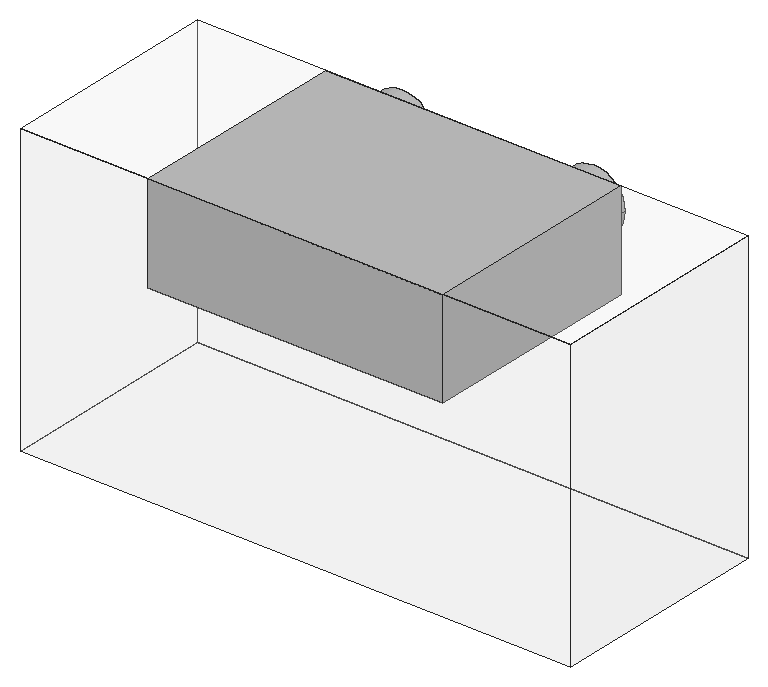
Revit family "sch-40_50exc_50Hz", category 機械設備, Revit 2019
Family settings
  丸型コネクタ寸法 = 直径を使用
  パーツ タイプ = 標準
  OmniClass 番号 = 23.75.10.34.21
  OmniClass タイトル = Heat Exchangers for Ventilation Air
  作業面ベース = いいえ
  常に垂直 = はい
  ロード時にボイドで切り取り = いいえ
  共有 = いいえ
  部屋計算ポイント = はい
Parameters (values of type "SCH-40EXC")
  騒音レベル(dB(A)) = 39
  風量 = 400.0 m³/h
  面風速 = 3.54 m/s
  電源種別 [instance] = "一般"
  電圧 = 100 V
  電動機出力 = 0 W
  集中コントローラ = ""
  運転質量 = 0.00 kg
  連動 [instance] = ""
  質量 = if(製品質量 > 運転質量, 製品質量, 運転質量) * 1.2  # 34.80 kg
  負荷分類 = 3_ファン類
  説明 = "学校用ロスナイ 天吊露出形"
  設計風量 = 0.0 m³/h
  設置方法 = "天吊露出形"
  記号 [instance] = ""
  製造元 = "三菱電機株式会社"
  製品質量 = 29.00 kg
  製品出荷対象 = "国内"
  製品リリース年月 = "2021/4/20"
  製品グループ = ""
  系統 [instance] = ""
  符号 = "HEU"
  積算_科目 = "1 空気調和設備"
  積算_拾い区分 [instance] = ""
  相 = 1
  盤記号 [instance] = ""
  発停方法 [instance] = "別売リモコン"
  特殊仕様 [instance] = ""
  火災停止 [instance] = ""
  温度交換効率 = 60.00%
  消費電力 = 134 W
  法定耐用年数 = "15"
  機外静圧_排気 = 40.0 Pa
  機外静圧 = 40.0 Pa
  極数 = 2
  材質 [instance] = ""
  本体マテリアル = none
  操作・制御方式 = ""
  操作・制御スイッチ = ""
  排気量 = 0.0 m³/h
  形式 = "天吊露出形"
  幹線記号 [instance] = ""
  対象室 [instance] = ""
  実風量 = 0.0 m³/h
  始動方式 [instance] = "直入"
  外気量 = 0.0 m³/h
  呼称 = "全熱交換ユニット"
  周波数 = 50 Hz
  天吊金具ピッチ2 = 495 mm
  天吊金具ピッチ1 = 845 mm
  天吊金具_D = 68 mm
  参照している仕様書等のバージョン = ""
  初期抵抗 = 0.0 Pa
  分類コード = "50052504100060"
  分類グループ = ""
  価格 = 314000
  企業コード = "108420"
  付属品_フィルター_還気 = ""
  付属品_フィルター = ""
  付属品 [instance] = ""
  仕様書バージョン = "Version1.0"
  モデル = "SCH-40EXC"
  メンテナンススペース = yes
  コメント [instance] = ""
  Keynote = ""
  エンタルピ交換効率_暖房 = 45.00%
  エンタルピ交換効率_冷房 = 40.00%
  Assembly Code = ""
  Width = 922 mm
  Version = ""
  Uniclass2015Version = "Systems v1.9"
  Uniclass2015Title = "Thermal wheels"
  Uniclass2015Code = "Pr_60_60_36_88"
  URL = "https://www.mitsubishielectric.co.jp/ldg/wink/ssl/displayProduct.do?pid=311791"
  SpecificationReference = ""
  SpecificationDescription = ""
  MID風量 = 200.0 m³/h
  MID静圧 = 10.0 Pa
  Duct_W = 150 mm
  SAサイズ_D = 0 mm
  Revision = ""
  RAサイズ_D = 0 mm
  ProductInformation = ""
  OmniClassCode = "23-27 23 19 11"
  OAサイズ_W = 0 mm
  OAサイズ_D = 192 mm
  MIN風量 = 155.0 m³/h
  MIN静圧 = 6.0 Pa
  MAX風量 = 400.0 m³/h
  MAX静圧 = 40.0 Pa
  IfcTypeProduct = ""
  IfcProduct = ""
  IfcExportType = "ROTARYWHEEL"
  IfcExportAs = "IfcAirToAirHeatRecoveryType"
  Height = 304 mm
  EAサイズ_W = 0 mm
  EAサイズ_D = 192 mm
  Duct_Pitch = 600 mm
  Duct_Height = 127.5 mm
  Duct_Depth = 85 mm
  Depth = 693 mm
  Clearance Top = 0 mm
  Clearance Left = 400 mm
  Clearance Right = 400 mm
  Clearance Bottom = 600 mm
  Author = "三菱電機株式会社"
Types (2, lengths in mm): name | 騒音レベル(dB(A)) | 風量 | 面風速 | 質量 | 製品質量 | 温度交換効率 | 消費電力 | 機外静圧_排気 | 機外静圧 | 天吊金具ピッチ2 | 価格 | モデル | エンタルピ交換効率_暖房 | エンタルピ交換効率_冷房 | URL | MID風量 | MID静圧 | MIN風量 | MIN静圧 | MAX風量 | MAX静圧 | Height | Duct_Height | Depth
  SCH-40EXC | 39 | 400.0 m³/h | 3.54 m/s | 34.80 kg | 29.00 kg | 60.00% | 134 W | 40.0 Pa | 40.0 Pa | 495 | 314000 | "SCH-40EXC" | 45.00% | 40.00% | "https://www.mitsubishielectric.co.jp/ldg/wink/ssl/displayProduct.do?pid=311791" | 200.0 m³/h | 10.0 Pa | 155.0 m³/h | 6.0 Pa | 400.0 m³/h | 40.0 Pa | 304 | 127.5 | 693
  SCH-50EXC | 39.5 | 500.0 m³/h | 4.42 m/s | 45.60 kg | 38.00 kg | 74.00% | 180 W | 60.0 Pa | 60.0 Pa | 710 | 372000 | "SCH-50EXC" | 62.00% | 58.00% | "https://www.mitsubishielectric.co.jp/ldg/wink/ssl/displayProduct.do?pid=311788" | 330.0 m³/h | 27.0 Pa | 175.0 m³/h | 7.5 Pa | 500.0 m³/h | 60.0 Pa | 338 | 135 | 900
Reference planes
  plane 1 "中心(正面/背面)": y = 0
  plane 2: z = 0
  plane 3 "中心(左/右)": x = 0
  plane 4: x = -461
  plane 5: x = 461
  plane 6: y = 346.5
  plane 7: y = -346.5
  plane 8: z = -304
  plane 9: z = -127.5
  plane 10: x = -289
  plane 11: x = 311
  plane 12: x = -861
  plane 13: x = -422.5
  plane 14: x = 422.5
  plane 15: y = 278.5
  plane 16: y = -216.5
  plane 17: x = -390.5
  plane 18: x = 390.5
  plane 19: y = 431.5
  plane 20: x = 861
  plane 21: z = 0
  plane 22: z = -904
Forms (mm)
  Extrusion 1, solid, material <- "本体マテリアル", detail levels fine
    sketch origin (0, 0, 0) x (1, 0, 0) y (0, 1, 0)
      loop
        line (-461, 346.5) -> (-461, -346.5) -> (461, -346.5) -> (461, 346.5) -> (-461, 346.5)
    from 0 to -304
  Extrusion 2, solid, material <- "本体マテリアル", detail levels fine
    sketch origin (510, -445, 0) x (-1, 0, 0) y (0, 0, -1)
      loop
        circle (199, 127.5) r 96
    from -791.5 to -876.5
  Extrusion 3, solid, material <- "本体マテリアル", detail levels fine
    sketch origin (-510, -445, 0) x (1, 0, 0) y (0, 0, 1)
      loop
        circle (221, -127.5) r 96
    from -791.5 to -876.5
Lines and regions (mm)
  Masking region 1, detail levels coarse+medium
    outline origin (1326.5, 29, 0) x (1, 0, 0) y (0, 1, 0)
      loop
        line (-1787.5, 317.5) -> (-1787.5, -375.5) -> (-865.5, -375.5) -> (-865.5, 317.5) -> (-1787.5, 317.5)
  symbolic lines, detail levels coarse+medium
    curve 1: line (0, 346.5, 0) -> (-461, 0, 0)
    curve 2: line (-461, 0, 0) -> (0, -346.5, 0)
    curve 3: line (0, -346.5, 0) -> (461, 0, 0)
    curve 4: line (461, 0, 0) -> (0, 346.5, 0)
Dimensions and locks
  equal spacing: plane 4, plane 3 "中心(左/右)", plane 5
  "Width": plane 4 to plane 5
  equal spacing: plane 6, plane 1 "中心(正面/背面)", plane 7
  "Depth": plane 6 to plane 7
  "Height": level to plane 8
  "Duct_Height": level to plane 9
  "Duct_Pitch": plane 11 to plane 10
  "Clearance Left": plane 12 to plane 4
  equal spacing: plane 13, plane 3 "中心(左/右)", plane 14
  "天吊金具ピッチ1": plane 13 to plane 14
  "天吊金具ピッチ2": plane 15 to plane 16
  "Duct_W": plane 5 to plane 11
  "天吊金具_D": plane 6 to plane 15
  "Clearance Right": plane 5 to plane 20
  "Clearance Top": level to plane 21
  "Duct_Depth": plane 6 to plane 19
  "Clearance Bottom": plane 8 to plane 22
  "OAサイズ_D": diameter of Extrusion 2 sketch curve
  "EAサイズ_D": diameter of Extrusion 3 sketch curve
  aligned and locked: level to plane 2
  aligned and locked: Extrusion 1 to plane 8
  aligned and locked: Masking region 1 to plane 4
  aligned and locked: plane 5 to Masking region 1
  aligned and locked: plane 6 to Masking region 1
  aligned and locked: Masking region 1 to plane 7
  aligned and locked: plane 14 to nested 1
  aligned and locked: plane 13 to nested 1
  aligned and locked: nested 1 to plane 16
  aligned and locked: plane 15 to nested 1
  aligned and locked: Extrusion 3 to plane 19
  aligned and locked: Extrusion 3 to plane 6
  aligned and locked: Extrusion 2 to Extrusion 3
  aligned and locked: Extrusion 2 to plane 6
  aligned and locked: plane 20 to nested 2
  aligned and locked: plane 12 to nested 2
  aligned and locked: nested 2 to plane 6
  aligned and locked: nested 2 to plane 7
  aligned and locked: nested 2 to plane 22
  aligned and locked: plane 21 to nested 2
Automatic sketch dimensions
  plane 1 "中心(正面/背面)" to curve 1 = 0 mm
  curve 1 to plane 4 = 0 mm
  curve 2 to plane 3 "中心(左/右)" = 0 mm
  curve 4 to plane 3 "中心(左/右)" = 0 mm
  plane 1 "中心(正面/背面)" to curve 4 = 0 mm
  curve 4 to plane 5 = 0 mm
  curve 2 to plane 7 = 0 mm
  curve 4 to plane 6 = 0 mm
  Extrusion 1 sketch curve to plane 4 = 0 mm
  Extrusion 1 sketch curve to plane 5 = 0 mm
  Extrusion 1 sketch curve to plane 7 = 0 mm
  Extrusion 1 sketch curve to plane 6 = 0 mm
  Extrusion 2 sketch curve to plane 9 = 0 mm
  Extrusion 2 sketch curve to plane 11 = 0 mm
  Masking region 1 sketch curve to plane 4 = 0 mm
  Masking region 1 sketch curve to plane 5 = 0 mm
  Masking region 1 sketch curve to plane 7 = 0 mm
  Masking region 1 sketch curve to plane 6 = 0 mm
  Extrusion 3 sketch curve to plane 9 = 0 mm
  Extrusion 3 sketch curve to plane 10 = 0 mm
Nested families
  nested 1: "固定点" at (-422.5, -216.5, 0), type "固定点"
    with W 845 mm, D 495 mm
  nested 2: "メンテナンススペース" at (0, 0, -452), visible <- "メンテナンススペース", type "メンテナンススペース"
    with Width 1722 mm, Height 904 mm, Depth 693 mm
Connectors
  hvac at (311, 431.5, -127.5), driven by "OAサイズ_D", driven by "機外静圧", driven by "風量"
    settings: on Extrusion 2, index 2, duct flow 400.0 m³/h, flow factor 0, pres drop 40.0 Pa, loss coef 0, conn angle 0.00°, conn width 304.8 mm, conn height 304.8 mm, conn diameter 192 mm, duct sys type 4, conn prof type 0, flow config 0, flow direction 1, loss method 4, conn ref index -1, conn util no, is conn primary yes, conn desc ""
  hvac at (-289, 431.5, -127.5), driven by "EAサイズ_D", driven by "風量", driven by "機外静圧"
    settings: on Extrusion 3, index 10, duct flow 400.0 m³/h, flow factor 0, pres drop 40.0 Pa, loss coef 0, conn angle 0.00°, conn width 304.8 mm, conn height 304.8 mm, conn diameter 192 mm, duct sys type 3, conn prof type 0, flow config 0, flow direction 2, loss method 4, conn ref index -1, conn util no, is conn primary no, conn desc ""
  electrical at (0, 0, -304), driven by "極数", driven by "負荷分類", driven by "電圧", driven by "消費電力"
    settings: on Extrusion 1, index 12, voltage 100 V, apparent load 134 VA, apparent load phase1 0 VA, apparent load phase2 0 VA, apparent load phase3 0 VA, power factor 1, load classification "3_ファン類", number of poles 2, system type 30, power factor state 1, is connector primary yes, connector utility no, sub classification motor no, connector description ""
Definition of nested family "メンテナンススペース"
  Parameters (values of type "メンテナンススペース")
    Width [instance] = 500 mm
    Height [instance] = 500 mm
    Depth [instance] = 500 mm
  Reference planes
    plane 1 "中心(正面/背面)": y = 0
    plane 2: z = 0
    plane 3 "中心(左/右)": x = 0
    plane 4: y = -250
    plane 5: x = 250
    plane 6: y = 250
    plane 7: x = -250
    plane 8: z = 250
    plane 9: z = -250
  Forms (mm)
    Extrusion 1, solid
      sketch origin (-638.939, 0, 72.39) x (1, 0, 0) y (0, 1, 0)
        loop
          line (388.939, 250) -> (388.939, -250) -> (888.939, -250) -> (888.939, 250) -> (388.939, 250)
      from -322.39 to 177.61
  Lines and regions (mm)
    symbolic lines
      curve 1: line (-250, 0, 250) -> (250, 0, 250)
      curve 2: line (-250, 0, -250) -> (-250, 0, 250)
      curve 3: line (250, 0, -250) -> (-250, 0, -250)
      curve 4: line (250, 0, 250) -> (250, 0, -250)
      curve 5: line (0, -250, 250) -> (0, 250, 250)
      curve 6: line (0, -250, -250) -> (0, -250, 250)
      curve 7: line (0, 250, -250) -> (0, -250, -250)
      curve 8: line (0, 250, 250) -> (0, 250, -250)
      curve 9: line (-250, 250, 0) -> (250, 250, 0)
      curve 10: line (-250, -250, 0) -> (-250, 250, 0)
      curve 11: line (250, -250, 0) -> (-250, -250, 0)
      curve 12: line (250, 250, 0) -> (250, -250, 0)
  Dimensions and locks
    equal spacing: plane 7, plane 3 "中心(左/右)", plane 5
    equal spacing: plane 4, plane 1 "中心(正面/背面)", plane 6
    "Depth": plane 4 to plane 6
    "Width": plane 7 to plane 5
    equal spacing: plane 8, plane 2, plane 9
    "Height": plane 8 to plane 9
    aligned and locked: plane 9 to curve 3
    aligned and locked: plane 7 to curve 2
    aligned and locked: curve 4 to plane 5
    aligned and locked: plane 5 to Extrusion 1
    aligned and locked: Extrusion 1 to plane 7
    aligned and locked: Extrusion 1 to plane 9
    aligned and locked: plane 8 to Extrusion 1
    aligned and locked: plane 9 to curve 7
  Automatic sketch dimensions
    plane 4 to Extrusion 1 sketch curve = 0 mm
    Extrusion 1 sketch curve to plane 7 = 0 mm
    Extrusion 1 sketch curve to plane 5 = 0 mm
    plane 6 to Extrusion 1 sketch curve = 0 mm
    curve 2 to plane 8 = 0 mm
    plane 4 to curve 11 = 0 mm
    curve 11 to plane 7 = 0 mm
    curve 11 to plane 5 = 0 mm
    plane 6 to curve 10 = 0 mm
    curve 7 to plane 4 = 0 mm
    curve 7 to plane 6 = 0 mm
    curve 6 to plane 8 = 0 mm
Definition of nested family "固定点"
  Parameters (values of type "固定点")
    中心円 = 20 mm
    W [instance] = 1000 mm
    D [instance] = 1000 mm
  Reference planes
    plane 1 "中心(正面/背面)": y = 0
    plane 2: z = 0
    plane 3 "中心(左/右)": x = 0
    plane 4: x = 1000
    plane 5: y = 1000
  Lines and regions (mm)
    symbolic lines, detail levels fine
      curve 1: circle (0, 1000, 0) r 10 normal (0, 0, 1)
      curve 2: circle (0, 0, 0) r 10 normal (0, 0, 1)
      curve 3: circle (1000, 1000, 0) r 10 normal (0, 0, 1)
      curve 4: circle (1000, 0, 0) r 10 normal (0, 0, 1)
      curve 5: line (-200, 1000, 0) -> (1200, 1000, 0)
      curve 6: line (-200, 0, 0) -> (1200, 0, 0)
      curve 7: line (0, 1200, 0) -> (0, -200, 0)
      curve 8: line (1000, 1200, 0) -> (1000, -200, 0)
  Dimensions and locks
    "W": plane 3 "中心(左/右)" to plane 4
    "D": plane 1 "中心(正面/背面)" to plane 5
    "中心円": diameter of curve 1
    "中心円": diameter of curve 2
    "中心円": diameter of curve 3
    "中心円": diameter of curve 4
    aligned and locked: level to plane 2
    aligned and locked: plane 5 to curve 1
    aligned and locked: plane 3 "中心(左/右)" to curve 1
    aligned and locked: plane 3 "中心(左/右)" to curve 2
    aligned and locked: plane 1 "中心(正面/背面)" to curve 2
    aligned and locked: plane 4 to curve 3
    aligned and locked: plane 5 to curve 3
    aligned and locked: plane 1 "中心(正面/背面)" to curve 4
    aligned and locked: plane 4 to curve 4
    aligned and locked: plane 1 "中心(正面/背面)" to curve 6
    aligned and locked: curve 7 to plane 3 "中心(左/右)"
    aligned and locked: curve 8 to plane 4
  Automatic sketch dimensions
    curve 5 to plane 5 = 0 mm
    curve 6 to plane 3 "中心(左/右)" = 200 mm
    curve 5 to plane 3 "中心(左/右)" = 200 mm
    curve 4 to curve 6 = 200 mm
    curve 3 to curve 5 = 200 mm
    plane 1 "中心(正面/背面)" to curve 8 = 200 mm
    plane 1 "中心(正面/背面)" to curve 7 = 200 mm
    curve 3 to curve 8 = 200 mm
    curve 1 to curve 7 = 200 mm
